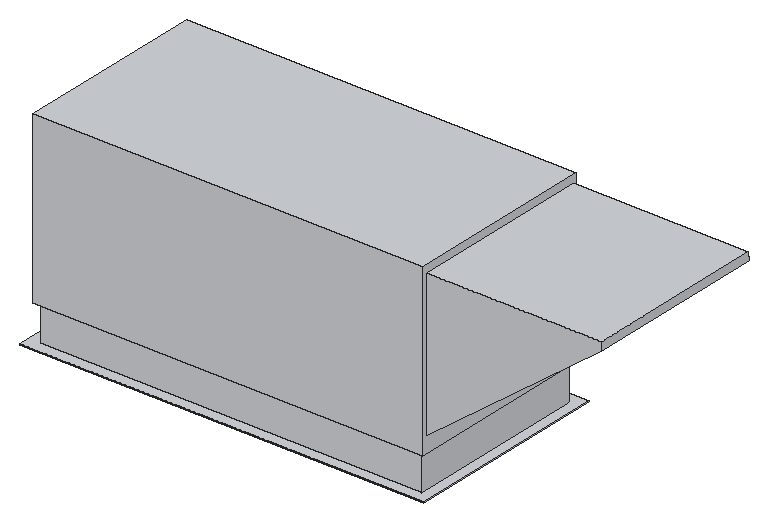
Revit family "HMD", category Mechanical Equipment, Revit 2019
Family settings
  Round Connector Dimension = Use Diameter
  Part Type = Normal
  Work Plane-Based = No
  Always vertical = Yes
  Cut with Voids When Loaded = No
  Shared = No
  Room Calculation Point = No
Parameters (values of type "HMD-2400")
  Winter Design [instance] = -459.67 °F
  W = 1' - 10 1/2"
  Unit Weight [instance] = ""
  Unit Type [instance] = ""
  Unit Rated Gas Pressure [instance] = 0.00 in-wg
  Temperature Rise [instance] = -459.67 °F
  T_SQ/2 = T_SQ / 2  # 2' - 1 15/16"
  T_SQ = 4' - 3 7/8"
  Standard Airflow [instance] = 0 CFM
  Sones [instance] = ""
  Regulator Required [instance] = ""
  RO2/2 = RO2 / 2  # 2' - 8 3/4"
  RO2 = B - 0' 4 1/2"  # 5' - 5 1/2"
  RO/2 = RO / 2  # 1' - 3"
  RO = A - 0' 4 1/2"  # 2' - 6"
  Pressure Drop Across Burner [instance] = 0.00 in-wg
  Motor RPM [instance] = ""
  Motor Enclosure [instance] = ""
  ModelID [instance] = ""
  Minimum Temp Rise [instance] = -459.67 °F
  Minimum Heating Output [instance] = 0.0 Btu/h
  Maximum Temp Rise [instance] = -459.67 °F
  Maximum Leaving Air Temp [instance] = -459.67 °F
  Maximum Heating Output [instance] = 0.0 Btu/h
  Manifold Gas Pressure [instance] = 0.00 in-wg
  LwA [instance] = ""
  Leaving Air Temperature [instance] = -459.67 °F
  Heating Output [instance] = 0.0 Btu/h
  Heating Input [instance] = 0.0 Btu/h
  Heating Efficiency [instance] = ""
  H = 0' - 4 7/8"
  Gas Type [instance] = ""
  Gas Connection Size [instance] = 0' - 0"
  G = 0' - 3"
  Fan RPM [instance] = ""
  FILTER_H = 2' - 10 3/8"
  FILTER_W = 2' - 1 3/4"
  F = 1' - 2"
  E = 0' - 4 7/8"
  D-B = 2' - 7 1/2"
  C_W/2 = C_W / 2  # 1' - 4 1/2"
  C_W = A - 0' 1 1/2"  # 2' - 9"
  C_H = 2' - 2 3/16"
  CURB_HEIGHT [instance] = 0' - 9 1/2"
  CURB [instance] = yes
  Building Gas Pressure [instance] = 0.00 in-wg
  Brake Hp [instance] = ""
  C = 2' - 6 7/16"
  B = 5' - 10"
  Accessories [instance] = ""
  A/2 = A / 2  # 1' - 5 1/4"
  A = 2' - 10 1/2"
  4 = 0' - 4"  # constant formula
  2" = 0' - 2"  # constant formula
  0 = 0' - 0"  # constant formula
  Voltage [instance] = 0 V
  URL = "www.lorencook.com"
  Type Comments = "Heated Make-Up Direct"  # constant formula
  Static Pressure [instance] = 0.00 in-wg
  Power [instance] = Voltage * Motor FLA * sqrt(if(Phase = 3, 3, 1))  # 0 VA
  Phase [instance] = 0
  Number of Poles [instance] = 1
  Motor Hp [instance] = "0"
  Motor FLA [instance] = 0 A
  Model = "HMD"  # constant formula
  Manufacturer = "Loren Cook Company"
  CFM [instance] = 0 CFM
  1.5 = 0' - 1 1/2"  # constant formula
  3/4 = 0' - 0 3/4"  # constant formula
  ONE EIGTH = 0' - 0 1/8"  # constant formula
  -(C_W/2) = -(C_W / 2)  # -1' - 4 1/2"
Types (4): name
  (no name)
  HMD-2400
  HMD-3400
  HMD-4100
Reference planes (in)
  plane 1 "Center (Front/Back)": y = 0
  plane 2: z = 0
  plane 3 "Center (Left/Right)": x = 0.40541
Forms (in)
  Extrusion 1, solid
    sketch origin (0, 0, 0) x (1, 0, 0) y (0, 1, 0)
      loop
        line (-34.59459, 17.25) -> (-34.59459, -17.25) -> (35.40541, -17.25) -> (35.40541, 17.25) -> (-34.59459, 17.25)
    from 0 to 30.4375 <- "C"
  Extrusion 2, void
    sketch origin (0, 0, 0) x (1, 0, 0) y (0, 1, 0)
      loop
        line (-25.53209, 8.75) -> (-25.53209, -4.5) -> (-14.03209, -4.5) -> (-14.03209, 8.75) -> (-25.53209, 8.75)
    from 0 to 3 <- "G"
  Extrusion 3, solid
    sketch origin (0, 0, 0) x (1, 0, 0) y (0, 0, 1)
      loop
        line (35.40541, 29.1875) -> (35.40541, 3) -> (66.90541, 27.6875) -> (66.90541, 29.1875) -> (35.40541, 29.1875)
    from -16.5 <- "-(C_W/2)" to 16.5 <- "C_W/2"
  Extrusion 4, void
    sketch origin (0, 0, 0) x (1, 0, 0) y (0, 1, 0)
      loop
        circle (-30.59459, -13.25) r 0.75
    from 0 to 3.125
  Extrusion 5, solid, visible <- "CURB"
    sketch origin (0, 0, 3) x (0, 1, 0) y (1, 0, 0)
      loop
        line (-15, -32.34459) -> (15, -32.34459) -> (15, 33.15541) -> (-15, 33.15541) -> (-15, -32.34459)
      loop
        line (16.5, 34.65541) -> (-16.5, 34.65541) -> (-16.5, -33.84459) -> (16.5, -33.84459) -> (16.5, 34.65541)
    from 0 to 9.5 <- "CURB_HEIGHT"
  Extrusion 6, solid, visible <- "CURB"
    sketch origin (0, 0, -6.5) x (-1, 0, 0) y (0, 1, 0)
      loop
        line (33.84459, -16.5) -> (33.84459, 16.5) -> (-34.65541, 16.5) -> (-34.65541, -16.5) -> (33.84459, -16.5)
      loop
        line (-36.65541, 18.5) -> (-36.65541, -18.5) -> (35.84459, -18.5) -> (35.84459, 18.5) -> (-36.65541, 18.5)
    from 0 to -0.125
  Extrusion 7, void
    sketch origin (-34.59459, -17.25, 0) x (0, -1, 0) y (0, 0, -1)
      loop
        line (-26.875, -22) -> (-13.625, -22) -> (-13.625, -10.5) -> (-26.875, -10.5) -> (-26.875, -22)
    from 0 to 0.25
Cuts and joins
  Extrusion 2, Extrusion 4, Extrusion 7 cuts Extrusion 1
Dimensions and locks (in)
  "B": Extrusion 1 sketch curve to Extrusion 1 sketch curve
  "A": Extrusion 1 sketch curve to Extrusion 1 sketch curve
  "A/2": plane 1 "Center (Front/Back)" to Extrusion 1 sketch curve
  "T_SQ/2": Extrusion 2 sketch curve to plane 3 "Center (Left/Right)"
  plane 1 "Center (Front/Back)" to Extrusion 2 sketch curve = 0' - 8 3/4"
  "G": Extrusion 3 sketch curve to level
  "C_H": Extrusion 3 sketch curve to Extrusion 3 sketch curve
  "D-B": Extrusion 3 sketch curve to cut or joined group of Extrusion 1, Extrusion 2, Extrusion 4, Extrusion 7
  "0": Extrusion 3 sketch curve to cut or joined group of Extrusion 1, Extrusion 2, Extrusion 4, Extrusion 7
  "1.5": Extrusion 3 sketch curve to Extrusion 3 sketch curve
  "4": cut or joined group of Extrusion 1, Extrusion 2, Extrusion 4, Extrusion 7 to Extrusion 4 sketch curve  (x2)
  "1.5": Extrusion 5 sketch curve to Extrusion 5 sketch curve  (x4)
  "RO2/2": Extrusion 5 sketch curve to plane 3 "Center (Left/Right)"
  "RO2/2": plane 3 "Center (Left/Right)" to Extrusion 5 sketch curve
  "RO/2": Extrusion 5 sketch curve to plane 1 "Center (Front/Back)"  (x2)
  "2"": Extrusion 6 sketch curve to Extrusion 6 sketch curve  (x4)
  "0": Extrusion 6 sketch curve to Extrusion 5  (x3)
  "0": Extrusion 5 to Extrusion 6 sketch curve
  equal spacing: cut or joined group of Extrusion 1, Extrusion 2, Extrusion 4, Extrusion 7, plane 3 "Center (Left/Right)", cut or joined group of Extrusion 1, Extrusion 2, Extrusion 4, Extrusion 7
  locked: cut or joined group of Extrusion 1, Extrusion 2, Extrusion 4, Extrusion 7 to Extrusion 2 sketch curve at 8.5
  cut or joined group of Extrusion 1, Extrusion 2, Extrusion 4, Extrusion 7 to Extrusion 2 sketch curve = 0' - 9 1/16"
  locked: Extrusion 2 sketch curve to Extrusion 2 sketch curve at 11.5
  locked: Extrusion 2 sketch curve to Extrusion 2 sketch curve at 13.25
  locked: Extrusion 7 sketch curve to level at 10.5
  locked: Extrusion 7 sketch curve to Extrusion 7 sketch curve at 11.5
  locked: cut or joined group of Extrusion 1, Extrusion 2, Extrusion 4, Extrusion 7 to Extrusion 7 sketch curve at 7.625
  locked: Extrusion 7 sketch curve to Extrusion 7 sketch curve at 13.25
  "3/4": radius of Extrusion 4 sketch curve
Automatic sketch dimensions
  Extrusion 1 sketch curve to plane 3 "Center (Left/Right)" = 2' - 11"
Connectors (in)
  electrical at (-19.78209, 2.125, 3)
    settings: on cut or joined group of Extrusion 1, Extrusion 2, Extrusion 4, Extrusion 7, index 3, voltage 0 V, apparent load 0 VA, apparent load phase1 0 VA, apparent load phase2 0 VA, apparent load phase3 0 VA, power factor 1, load classification "Other", number of poles 1, system type 14, power factor state 1, is connector primary yes, connector utility no, sub classification motor no, connector description ""
  hvac at (-19.78209, 2.125, 3), driven by "CFM"
    settings: on cut or joined group of Extrusion 1, Extrusion 2, Extrusion 4, Extrusion 7, index 4, duct flow 0 CFM, flow factor 0, pres drop 0.00 in-wg, loss coef 0, conn angle 0.00°, conn width 13 1/4", conn height 11 1/2", conn diameter 24", duct sys type 1, conn prof type 1, flow config 0, flow direction 1, loss method 0, conn ref index -1, conn util no, is conn primary yes, conn desc "BOTTOM INTAKE"
  hvac at (-34.34459, 3, 16.25), driven by "CFM"
    settings: on cut or joined group of Extrusion 1, Extrusion 2, Extrusion 4, Extrusion 7, index 5, duct flow 0 CFM, flow factor 0, pres drop 0.00 in-wg, loss coef 0, conn angle 0.00°, conn width 13 1/4", conn height 11 1/2", conn diameter 24", duct sys type 1, conn prof type 1, flow config 0, flow direction 1, loss method 0, conn ref index -1, conn util no, is conn primary no, conn desc "SIDE INTAKE"
